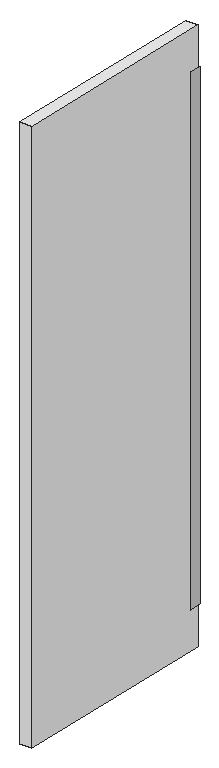
Revit family "API_MY_UrinalScreen_WallHung_content", category Generic Models, Revit 2025
Family settings
  Can host rebar = No
  Round Connector Dimension = Use Diameter
  Part Type = Normal
  OmniClass Number = 23.31.25.11
  Work Plane-Based = No
  Always vertical = Yes
  Cut with Voids When Loaded = No
  Maintain Annotation Orientation = No
  Shared = No
  Room Calculation Point = No
Parameters (values of type "48" High")
  Uniclass2015Version = "Products v1.17"
  Uniclass2015Title = "Urinal dividers"
  Uniclass2015Code = "Pr_40_20_93_74"
  URL = "https://globalpartitions.com/"
  Type IFC Predefined Type = "NOTDEFINED"
  Type Comments = "Urinal Screen - Wall Hung - Powder Coat Steel - 48\" High"
  PanelWallOffsetDepth = 33/256"  # constant formula
  PanelThickness [instance] = 1"  # constant formula
  PanelOffsetHeight = 12"  # constant formula
  PanelHeight = 48"
  NumberOfUrinalScreens = 1  # constant formula
  ModifiedIssue = 20210102
  Model = Type Comments  # "Urinal Screen - Wall Hung - Powder Coat Steel - 48\" High"
  Material [instance] = Metal_PowderCoat_ASI_White_985
  MasterFormatTitle = "Compartments and Cubicles"
  MasterFormatNumber = "10 21 00"
  ManufacturerURLProductSpecific = "https://globalpartitions.com/products/powder-coated-steel/"
  ManufacturerSpecCode = Type Comments  # "Urinal Screen - Wall Hung - Powder Coat Steel - 48\" High"
  ManufacturerOverallWidth [instance] = PanelThickness  # 1"
  ManufacturerOverallHeight = PanelHeight + PanelOffsetHeight  # 60"
  ManufacturerOverallDepth [instance] = if(and((not(PanelHeight < 55")), (DesiredUrinalScreenDepth < 12")), 12", if(and((not(PanelHeight < 55")), (DesiredUrinalScreenDepth > 12"), (DesiredUrinalScreenDepth < 52")), roundup(DesiredUrinalScreenDepth / 2") * 2", if(and((not(PanelHeight < 55")), (DesiredUrinalScreenDepth > 52"), (DesiredUrinalScreenDepth < 58")), 55", if(and((not(PanelHeight < 55")), (DesiredUrinalScreenDepth > 58"), (DesiredUrinalScreenDepth < 78")), roundup(DesiredUrinalScreenDepth / 2") * 2", if(DesiredUrinalScreenDepth > 78", 78", if(and((PanelHeight < 55"), (DesiredUrinalScreenDepth < 48")), 18", if(and((PanelHeight < 55"), (DesiredUrinalScreenDepth > 48")), 48", DesiredUrinalScreenDepth)))))))  # 18"
  ManufacturerHeightFromFFL [instance] = 0"
  Manufacturer = "Accurate Partitions Corp."  # constant formula
  Keynote = ""
  IfcExportType = "NOTDEFINED"
  IfcExportAs = "IfcBuildingElementProxy"
  HardwareMaterial [instance] = Metal_StainlessSteel_ASI_Smooth
  Export Type to IFC As = "IfcBuildingElementProxy"
  Description = "Wall Hung Powder Coated Steel Urinal Screen"
  DesiredUrinalScreenDepth [instance] = 18"
  Default Elevation = 0"
  CreatedByURL = "https://igsgroup.com.au"
  CreatedBy = "IGS BIM Solutions"  # constant formula
  BracketTopOffset [instance] = PanelHeight - 6 1/2"  # 41 1/2"
  BracketHeight [instance] = PanelHeight - 6 1/2"  # 41 1/2"
  BracketDepth [instance] = 1"  # constant formula
  BracketBottomOffset [instance] = PanelOffsetHeight + 3 1/4"  # 15 1/4"
  Assembly Code = "C1030100"
Reference planes (in)
  plane 1 "Back": y = 0
  plane 2 "Ref. Level": z = 0
  plane 3 "Center (Left/Right)": x = 0
  plane 4 "Front": y = -18
  plane 5 "Bottom": z = 0
  plane 6 "Top": z = 60
  plane 7 "Panel_Back": y = -0.12891
  plane 8 "Panel_Bottom": z = 12
  plane 9 "Pilaster_Bottom": z = 0
  plane 10 "Centre (Elevation)": z = 41
  plane 11 "Bracket_Bottom": z = 15.25
  plane 12 "Bracket_Top": z = 56.75
  plane 13 "Screen_Back": y = 0
  plane 14 "Screen_Bottom": z = 0
  plane 15 "Right": x = 0.5
  plane 16 "Left": x = -0.5
  plane 17 "DesiredOverallDepth_Front": y = -18
Text (in)
  text "Disclaimer:\nDue to ongoing product development and manufacturing \nevolution, product details are subject to change without \nnotice. Please refer to product technical data sheets on \nthe manufacturers website for the most current product \ninformation. Please allow a +/- 5mm manufacturing \ntolerance for dimensions and set-outs shown in product \nliterature." at (26.01876, -1.20035, 0), in view "Ref. Level"
Dimensions and locks (in)
  "ManufacturerOverallDepth": plane 4 "Front" to plane 1 "Back"
  "ManufacturerHeightFromFFL": plane 14 "Screen_Bottom" to plane 2 "Ref. Level"
  "ManufacturerOverallHeight": plane 6 "Top" to plane 5 "Bottom"
  "PanelWallOffsetDepth": plane 7 "Panel_Back" to plane 1 "Back"
  "PanelOffsetHeight": plane 8 "Panel_Bottom" to plane 5 "Bottom"
  "BracketBottomOffset": plane 11 "Bracket_Bottom" to plane 5 "Bottom"
  "BracketTopOffset": plane 12 "Bracket_Top" to plane 11 "Bracket_Bottom"
  locked: plane 1 "Back" to plane 13 "Screen_Back"
  locked: plane 5 "Bottom" to plane 14 "Screen_Bottom"
  equal spacing: plane 16 "Left", plane 3 "Center (Left/Right)", plane 15 "Right"
  "PanelThickness": plane 16 "Left" to plane 15 "Right"
  "DesiredUrinalScreenDepth": plane 17 "DesiredOverallDepth_Front" to plane 13 "Screen_Back"
  aligned and locked: level to plane 2 "Ref. Level"
  aligned and locked: nested 1 to plane 7 "Panel_Back"
  aligned and locked: nested 2 to plane 1 "Back"
  aligned and locked: plane 3 "Center (Left/Right)" to nested 1
  aligned and locked: plane 3 "Center (Left/Right)" to nested 2
  aligned and locked: plane 4 "Front" to nested 1
  aligned and locked: nested 2 to plane 11 "Bracket_Bottom"
Nested families (in)
  nested 1: "UrinalScreen_ASI_Panel" at (0, -9.06445, 12) x (0, 1, 0) z (0, 0, 1), Material <- "Material", ManufacturerOverallDepth <- "PanelThickness", ManufacturerOverallHeight <- "PanelHeight", type "Type 1"
    with Material Metal_PowderCoat_ASI_White_985, ManufacturerOverallWidth 17 223/256", ManufacturerOverallHeight 48", ManufacturerOverallDepth 1"
  nested 2: "UrinalScreen_ASI_UBracket" at (0, 0, 36) x (-1, 0, 0) z (0, 0, 1), Material <- "HardwareMaterial", ManufacturerOverallWidth <- "PanelThickness", ManufacturerOverallDepth <- "BracketDepth", ManufacturerOverallHeight <- "BracketHeight", type "Type 1", detail levels medium+fine
    with Material Metal_StainlessSteel_ASI_Smooth, ManufacturerOverallWidth 1", ManufacturerOverallHeight 41 1/2", ManufacturerOverallDepth 1", BracketThickness 0.07874"
Definition of nested family "UrinalScreen_ASI_Panel"
  Parameters (values of type "Type 1")
    Uniclass2015Version = "Products v1.17"
    Uniclass2015Title = "Urinal dividers"
    Uniclass2015Code = "Pr_40_20_93_74"
    URL = ""
    Type IFC Predefined Type = "NOTDEFINED"
    ModifiedIssue = 20201222
    Material [instance] = none
    MasterFormatTitle = "Compartments and Cubicles"
    MasterFormatNumber = "10 21 00"
    ManufacturerURLProductSpecific = ""
    ManufacturerOverallWidth [instance] = 24"
    ManufacturerOverallHeight [instance] = 55"
    ManufacturerOverallDepth [instance] = 1"
    Manufacturer = ""
    IfcExportType = "NOTDEFINED"
    IfcExportAs = "IfcBuildingElementProxy"
    Export Type to IFC As = "IfcBuildingElementProxy"
    Default Elevation = 48"
    CreatedByURL = "https://igsgroup.com.au"
    CreatedBy = "IGS BIM Solutions"  # constant formula
    Assembly Code = "C1030100"
  Reference planes (in)
    plane 1 "Center (Front/Back)": y = 0
    plane 2 "Bottom": z = 0
    plane 3 "Centre (Left/Right)": x = 0
    plane 4 "Left": x = -12
    plane 5 "Back": y = 0.5
    plane 6 "Right": x = 12
    plane 7 "Front": y = -0.5
    plane 8 "Top": z = 55
    plane 9 "Centre (Elevation)": z = 27.5
  Forms (in)
    Extrusion 1, solid, material <- "Material"
      sketch origin (0, 0, 0) x (1, 0, 0) y (0, 1, 0)
        loop
          line (-12, 0.5) -> (-12, -0.5) -> (12, -0.5) -> (12, 0.5) -> (-12, 0.5)
      from 0 to 55
  Text (in)
    text "Disclaimer:\nDue to ongoing product development and manufacturing \nevolution, product details are subject to change without \nnotice. Please refer to product technical data sheets on \nthe manufacturers website for the most current product \ninformation. Please allow a +/- 5mm manufacturing \ntolerance for dimensions and set-outs shown in product \nliterature." at (19.69923, 7.22692, 0), in view "Ref. Level"
  Dimensions and locks (in)
    equal spacing: plane 7 "Front", plane 1 "Center (Front/Back)", plane 5 "Back"
    equal spacing: plane 4 "Left", plane 3 "Centre (Left/Right)", plane 6 "Right"
    "ManufacturerOverallWidth": plane 4 "Left" to plane 6 "Right"
    "ManufacturerOverallDepth": plane 5 "Back" to plane 7 "Front"
    "ManufacturerOverallHeight": plane 8 "Top" to plane 2 "Bottom"
    equal spacing: plane 8 "Top", plane 9 "Centre (Elevation)", plane 2 "Bottom"
    aligned and locked: level to plane 2 "Bottom"
    aligned and locked: plane 6 "Right" to Extrusion 1 sketch curve
    aligned and locked: Extrusion 1 sketch curve to plane 5 "Back"
    aligned and locked: Extrusion 1 sketch curve to plane 7 "Front"
    aligned and locked: plane 4 "Left" to Extrusion 1 sketch curve
    aligned and locked: plane 8 "Top" to Extrusion 1
    aligned and locked: Extrusion 1 to plane 2 "Bottom"
Definition of nested family "UrinalScreen_ASI_UBracket"
  Parameters (values of type "Type 1")
    Uniclass2015Version = "Products v1.17"
    Uniclass2015Title = "Urinal dividers"
    Uniclass2015Code = "Pr_40_20_93_74"
    URL = ""
    Type IFC Predefined Type = "NOTDEFINED"
    ModifiedIssue = 20201222
    Material [instance] = none
    MasterFormatTitle = "Compartments and Cubicles"
    MasterFormatNumber = "10 21 00"
    ManufacturerURLProductSpecific = ""
    ManufacturerOverallWidth [instance] = 1/2"
    ManufacturerOverallHeight [instance] = 1 1/2"
    ManufacturerOverallDepth [instance] = 1"
    Manufacturer = ""
    IfcExportType = "NOTDEFINED"
    IfcExportAs = "IfcBuildingElementProxy"
    Export Type to IFC As = "IfcBuildingElementProxy"
    Default Elevation = 48"
    CreatedByURL = "https://igsgroup.com.au"
    CreatedBy = "IGS BIM Solutions"  # constant formula
    BracketThickness [instance] = 0.07874"
    Assembly Code = "C1030100"
  Reference planes (in)
    plane 1 "Back": y = 0
    plane 2 "Centre (Elevation)": z = 0
    plane 3 "Centre (Left/Right)": x = 0
    plane 4 "Left": x = -0.25
    plane 5 "Right": x = 0.25
    plane 6 "Front": y = -1
    plane 7 "Top": z = 0.75
    plane 8 "Bracket_Left": x = -0.32874
    plane 9 "Bottom": z = -0.75
    plane 10 "Bracket_Right": x = 0.32874
    plane 11 "Inside Back": y = -0.07874
  Forms (in)
    Extrusion 1, solid, material <- "Material"
      sketch origin (0, 0, 0) x (1, 0, 0) y (0, 1, 0)
        loop
          line (-0.32874, 0) -> (-0.32874, -1) -> (-0.25, -1) -> (-0.25, -0.07874) -> (0.25, -0.07874) -> (0.25, -1) -> (0.32874, -1) -> (0.32874, 0) -> (-0.32874, 0)
      from -0.75 to 0.75
  Text (in)
    text "Disclaimer:\nDue to ongoing product development and manufacturing \nevolution, product details are subject to change without \nnotice. Please refer to product technical data sheets on \nthe manufacturers website for the most current product \ninformation. Please allow a +/- 5mm manufacturing \ntolerance for dimensions and set-outs shown in product \nliterature." at (4.80748, 2.76734, 0), in view "Ref. Level"
  Dimensions and locks (in)
    "ManufacturerOverallDepth": plane 6 "Front" to plane 1 "Back"
    equal spacing: plane 4 "Left", plane 3 "Centre (Left/Right)", plane 5 "Right"
    "ManufacturerOverallWidth": plane 4 "Left" to plane 5 "Right"
    "ManufacturerOverallHeight": plane 7 "Top" to plane 9 "Bottom"
    equal spacing: plane 7 "Top", plane 2 "Centre (Elevation)", plane 9 "Bottom"
    "BracketThickness": plane 8 "Bracket_Left" to plane 4 "Left"
    "BracketThickness": plane 5 "Right" to plane 10 "Bracket_Right"
    "BracketThickness": plane 11 "Inside Back" to plane 1 "Back"
    aligned and locked: level to plane 2 "Centre (Elevation)"
    aligned and locked: Extrusion 1 sketch curve to plane 6 "Front"  (x2)
    aligned and locked: Extrusion 1 to plane 1 "Back"
    aligned and locked: plane 8 "Bracket_Left" to Extrusion 1 sketch curve
    aligned and locked: plane 10 "Bracket_Right" to Extrusion 1 sketch curve
    aligned and locked: plane 1 "Back" to Extrusion 1 sketch curve
    aligned and locked: Extrusion 1 sketch curve to plane 5 "Right"
    aligned and locked: Extrusion 1 sketch curve to plane 11 "Inside Back"
    aligned and locked: Extrusion 1 sketch curve to plane 4 "Left"
    aligned and locked: plane 9 "Bottom" to Extrusion 1
    aligned and locked: plane 7 "Top" to Extrusion 1
